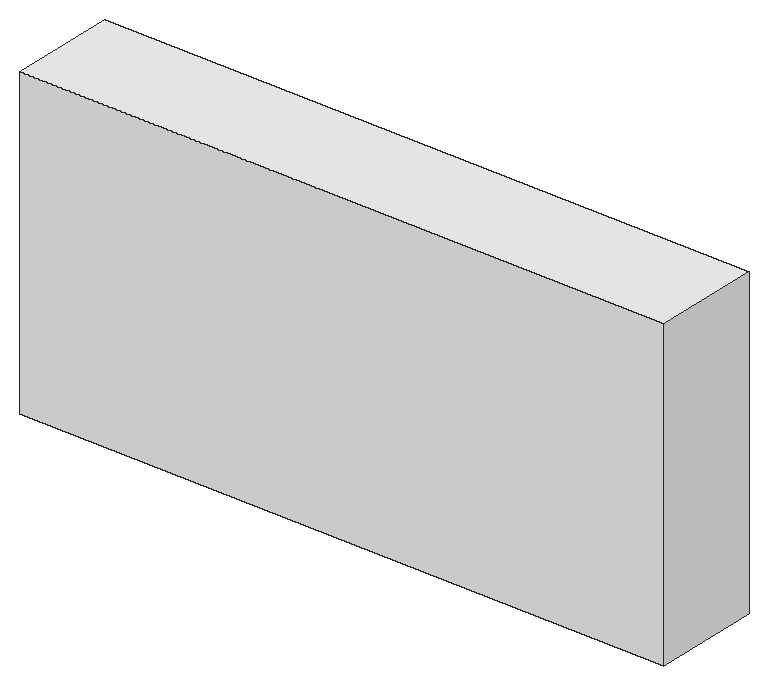
Revit family "Viga_Con_Retang", category Structural Framing, Revit 2020
Family settings
  Display in Hidden Views = Edges Hidden by Other Members
  Structural Framing Length Roundoff = 0 mm
  Section Shape = Not Defined
  Material for Model Behavior = Concrete
  Always export as geometry = No
  OmniClass Number = 23.25.30.11.14.14
  OmniClass Title = Beams
  Always vertical = Yes
  Cut with Voids When Loaded = No
  Symbolic Representation = From Family
  Shared = No
  Show family pre-cut in plan views = Yes
Parameters (values of type "VIG_020x058_BLC_CON_RET")
  Structural Material [instance] = CT_Concreto
  Material_Vigas = CT_Concreto
  Assembly Code = ""
  Length [instance] = 1524 mm
  b = 200 mm
  h = 580 mm
Types (28, lengths in mm): name | Length | b | h
  VIG_015x168_BLC_CON_RET | 5000 | 150 | 1680
  VIG_015x040_BLC_CON_RET | 1524 | 150 | 400
  VIG_007x145_FAC_CON_RET_HOR | 1524 | 1450 | 70
  VIG_015x120_BLC_CON_RET | 1524 | 150 | 1200
  VIG_030x060_BLC_CON_RET | 1524 | 300 | 600
  VIG_030x077_BLC_CON_RET | 1524 | 300 | 770
  VIG_020x058_BLC_CON_RET | 1524 | 200 | 580
  VIG_020x127_BLC_CON_RET | 1524 | 200 | 1270
  VIG_020x020_BLC_CON_RET | 1524 | 200 | 200
  VIG_040x095_BLC_CON_RET | 1524 | 400 | 950
  VIG_030x045_BLC_CON_RET | 1524 | 300 | 450
  VIG_030x150_BLC_CON_RET | 1524 | 300 | 1500
  VIG_010x055_BLC_CON_RET | 1524 | 100 | 550
  VIG_010x135_BLC_CON_RET | 1524 | 100 | 1350
  VIG_007x135_BLC_CON_RET | 1524 | 70 | 1350
  VIG_020x114_BLC_CON_RET | 1524 | 200 | 1140
  VIG_010x140_BLC_CON_RET | 1524 | 100 | 1400
  VIG_015x060_BLC_CON_RET | 1524 | 150 | 600
  VIG_010x058_BLC_CON_RET | 1524 | 100 | 580
  VIG_010x040_BLC_CON_RET | 1524 | 100 | 400
  VIG_020x055_BLC_CON_RET | 1524 | 200 | 550
  VIG_025x070_BLC_CON_RET | 1524 | 250 | 700
  VIG_010x050_BLC_CON_RET | 1524 | 100 | 500
  VIG_010x060_BLC_CON_RET | 1524 | 100 | 600
  VIG_025x050_BLC_CON_RET | 1524 | 250 | 500
  VIG_025x080_BLC_CON_RET | 1524 | 250 | 800
  VIG_015x050_BLC_CON_RET | 1524 | 150 | 500
  VIG_015x030_BLC_CON_RET | 1524 | 150 | 300
Reference planes
  plane 1 "Center (Front/Back)": y = 0
  plane 2: z = 0
  plane 3 "Center (Left/Right)": x = 4.61
  plane 4 "Member Left": x = -604.99
  plane 5 "Member Right": x = 614.21
  plane 6: y = 100
  plane 7: y = -100
  plane 8: z = 290
  plane 9 "Bottom": z = -290
  plane 10 "Left": x = -757.39
  plane 11 "Right": x = 766.61
Forms (mm)
  Sweep 1, solid, material "CT_Concreto" <- "Material_Vigas"
    path origin (0, 0, 0) x (1, 0, 0) y (0, 1, 0)
      loop
        line (614.21, 0) -> (-604.99, 0)
    profile "M_Rectangular Beam-Profile : M_Rectangular Beam-Profile" origin (4.61, 0, 0) x (0, -1, 0) y (0, 0, 1)
      loop
        line (-100, -290) -> (100, -290) -> (100, 290) -> (-100, 290) -> (-100, -290)
Dimensions and locks
  "b": plane 6 to plane 7
  equal spacing: plane 9 "Bottom", plane 2, plane 8
  equal spacing: plane 6, plane 1 "Center (Front/Back)", plane 7
  "h": plane 9 "Bottom" to plane 8
  "Length": plane 10 "Left" to plane 11 "Right"
  aligned and locked: Sweep 1 sketch curve to plane 1 "Center (Front/Back)"
  aligned and locked: plane 4 "Member Left" to Sweep 1 sketch curve
  aligned and locked: plane 5 "Member Right" to Sweep 1 sketch curve
